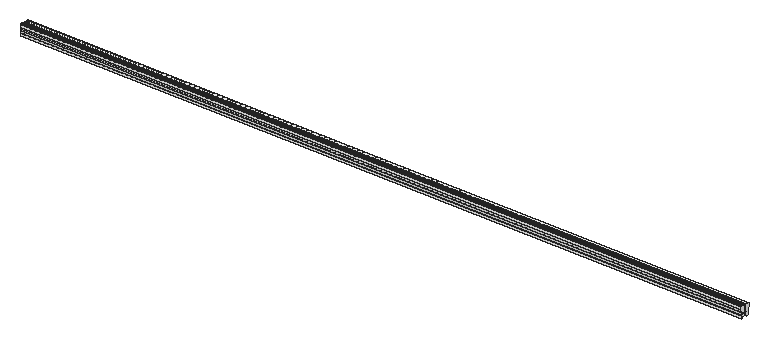
Revit family "2020751 Feilo Sylvania Lighting Fixtures LYTESPAN 3 3M TRACK WHITE", category Lighting Fixtures, host Face, Revit 2017
Family settings
  Host = Face
  Round Connector Dimension = Use Diameter
  Part Type = Normal
  OmniClass Number = 23.80.70.00
  OmniClass Title = Lighting
  Cut with Voids When Loaded = No
  Light Source = No
  Shared = No
  Room Calculation Point = No
Parameters (values of type "2020751 LYTESPAN 3 3M TRACK WHITE")
  _DistributedBy = "//www.feilosylvania.com/en-int/"
  _CurrentRevision = 1
  _CreatedBy = "http://www.feilosylvania.com/en-int/"
  _BimstoreBibleVersion = "15"
  _BimSpecGuid = 0
  _Author = "Viktoria Kollar"
  Weight = "3.424 kg"
  WarrantyStartDate [instance] = ""
  WarrantyGuarantorParts = "n/a"
  WarrantyDurationUnit = "n/a"
  WarrantyDurationParts = "n/a"
  WarrantyDescription = "n/a"
  URL = "http://www.sylvania-lighting.com"
  TypeName = "LYTESPAN 3 3M TRACK WHITE"
  Type Image = 2020760.jpg
  Type Comments = "n/a"
  TransformerRequired = yes
  SerialNumber [instance] = ""
  NominalLength = 3000 mm
  NominalHeight = 45 mm
  NominalDepth = 37 mm
  Name = "LYTESPAN 3 3M TRACK WHITE"
  NBSReference = "n/a"
  NBSOfficeMasterTag = "n/a"
  NBSObjectName = "n/a"
  NBSNote = "n/a"
  NBSDescription = "n/a"
  ModelReference = "LYTESPAN 3 3M TRACK WHITE"
  ModelNumber = "2020751"
  Model = "LYTESPAN 3 3M TRACK WHITE"
  ManufacturerName = "Feilo Sylvania"
  Manufacturer = "Feilo Sylvania"
  LuminaireType = ""
  Lamp = "LED"
  Keynote = "16500"
  InstallationDate [instance] = ""
  InputVoltage = "240V~"
  IfcExportType = "IfcLightFixtureType"
  IfcExportAs = "IfcLightFixtureType"
  Housing material = White aluminium
  ElectricShockClassification = "Class I"
  DocumentationLiterature = "http://www.sylvania-lighting.com/product/en-int/products/2020751"
  Description = "3 Circuit Track, compact venturi trunk profile, extruded aluminium body, suitable for surface mounting and suspending, (LxWxH) 3000x37x45mm, 2.75kg, White RAL 9016, Class 1, maximum installed load: 3x3680W (11040W), fuse: 3x16A, supply cable: 5 x 1.5mm², 400 VAC supply"
  Default Elevation = 0 mm
  CreatedOn = "14/11/2017"
  CreatedBy = ""
  Cost = 0
  Color = "Aluminium white"
  ClassificationValue = "EF_70_80"
  ClassificationName = "Uniclass2015"
  BarCode [instance] = ""
  BIMObjectName = "n/a"
  AssetType = "Fixed"
  AssetIdentifier [instance] = ""
  Assembly Code = "D5020200"
  Apparent Load = 0 VA
Reference planes
  plane 1 "Center (Front/Back)": y = 0
  plane 2: z = 0
  plane 3 "Center (Left/Right)": x = 0
  plane 4: x = -1500
  plane 5: x = 1500
  plane 6: z = 36.5
  plane 7: z = 18.5
  plane 8: z = 27.5
  plane 9: z = 30
  plane 10: z = 33
  plane 11: z = 45
  plane 12: z = 25
  plane 13: z = 22
  plane 14: y = 5.75
  plane 15: y = -5.75
  plane 16: y = 9.25
  plane 17: y = -9.25
  plane 18: y = 13.25
  plane 19: y = -13.25
  plane 20: y = -14.75
  plane 21: y = 14.75
  plane 22: y = 18.5
  plane 23: y = -18.5
  plane 24: z = 31
  plane 25: y = 16.55
  plane 26: y = -16.55
  plane 27: z = 38.7
  plane 28: y = 7
  plane 29: y = -7
  plane 30: z = 40.9
  plane 31: z = 43.1
Forms (mm)
  Extrusion 1, solid, material "White aluminium" <- "Housing material"
    sketch origin (0, 0, 45) x (0, 1, 0) y (0, 0, 1)
      loop
        line (14.75, -45) -> (14.75, -34.582) -> (16.616, -24) -> (18.5, -12) -> (18.5, 0) -> (7, 0) -> (7, -1.9) -> (13.25, -1.9) -> (13.25, -4.1) -> (7, -4.1) -> (7, -6.3) -> (16.55, -6.3) -> (16.55, -14) -> (13.25, -14) -> (13.25, -12) -> (9.25, -8.5) -> (5.75, -8.5) -> (5.75, -12) -> (9.25, -12) -> (9.25, -15) -> (5.75, -15) -> (5.75, -20) -> (9.25, -20) -> (9.25, -23) -> (5.75, -23) -> (5.75, -26.5) -> (9.25, -26.5) -> (13.25, -23) -> (15.119, -23) -> (15.119, -24) -> (13.383, -33.848) -> (9.529, -33.848) -> (9.529, -30) -> (-4.255, -30) -> (-9.75, -33.848) -> (-13, -33.848) -> (-15.119, -23.803) -> (-15.119, -23) -> (-13.25, -23) -> (-9.25, -26.5) -> (-5.75, -26.5) -> (-5.75, -23) -> (-9.25, -23) -> (-9.25, -20) -> (-5.75, -20) -> (-5.75, -15) -> (-9.25, -15) -> (-9.25, -12) -> (-5.75, -12) -> (-5.75, -8.5) -> (-9.25, -8.5) -> (-13.25, -12) -> (-13.25, -14) -> (-16.55, -14) -> (-16.55, -6.3) -> (-7, -6.3) -> (-7, 0) -> (-9.25, 0) -> (-9.25, -4.1) -> (-16.55, -4.1) -> (-16.55, 0) -> (-18.5, 0) -> (-18.5, -12) -> (-16.616, -24) -> (-14.75, -33.164) -> (-14.75, -45) -> (-13.25, -45) -> (-13.25, -35.764)
        arc (-13.25, -35.764) -> (-9.111, -38.754) -> (-4.329, -40.542) r 19.123
        line (-4.329, -40.542) -> (-4.329, -39.56)
        arc (-4.329, -39.56) -> (-7.777, -38.158) -> (-10.813, -36.003) r 16.148
        line (-10.813, -36.003) -> (-7.392, -36.003) -> (-3.107, -33) -> (7.392, -33) -> (7.392, -36.003) -> (10.813, -36.003)
        arc (10.813, -36.003) -> (7.777, -38.158) -> (4.329, -39.56) r 16.148
        line (4.329, -39.56) -> (4.329, -40.542)
        arc (4.329, -40.542) -> (9.111, -38.754) -> (13.25, -35.764) r 19.123
        line (13.25, -35.764) -> (13.25, -45) -> (14.75, -45)
    from -1500 to 1500
Dimensions and locks
  "NominalLength": plane 5 to plane 4
  equal spacing: plane 5, plane 3 "Center (Left/Right)", plane 4
  "NominalHeight": plane 11 to host face
  locked: plane 11 to plane 8 at 17.5
  locked: plane 6 to plane 7 at 18
  equal spacing: plane 6, plane 8, plane 7
  locked: plane 13 to plane 7 at 3.5
  locked: plane 6 to plane 10 at 3.5
  equal spacing: plane 9, plane 8, plane 12
  locked: plane 9 to plane 12 at 5
  equal spacing: plane 14, plane 1 "Center (Front/Back)", plane 15
  locked: plane 14 to plane 15 at 11.5
  equal spacing: plane 16, plane 1 "Center (Front/Back)", plane 17
  locked: plane 16 to plane 17 at 18.5
  equal spacing: plane 18, plane 1 "Center (Front/Back)", plane 19
  locked: plane 18 to plane 19 at 26.5
  "NominalDepth": plane 22 to plane 23
  aligned and locked: plane 2 to host face
  aligned and locked: level to host face
  aligned and locked: plane 6 to Extrusion 1  (x3)
  aligned and locked: plane 14 to Extrusion 1  (x3)
  aligned and locked: Extrusion 1 to plane 15  (x3)
  aligned and locked: Extrusion 1 to plane 10  (x2)
  aligned and locked: plane 9 to Extrusion 1  (x2)
  aligned and locked: Extrusion 1 to plane 12  (x2)
  aligned and locked: plane 13 to Extrusion 1  (x2)
  aligned and locked: Extrusion 1 to plane 7  (x2)
  aligned and locked: plane 18 to Extrusion 1
  aligned and locked: Extrusion 1 to plane 19
  aligned and locked: Extrusion 1 to plane 20
  aligned and locked: plane 21 to Extrusion 1
  aligned and locked: plane 25 to Extrusion 1
  aligned and locked: Extrusion 1 to plane 26
  aligned and locked: Extrusion 1 sketch curve to plane 27  (x2)
  aligned and locked: plane 26 to Extrusion 1 sketch curve
  aligned and locked: Extrusion 1 sketch curve to plane 26
  aligned and locked: Extrusion 1 sketch curve to plane 23
  aligned and locked: plane 11 to Extrusion 1 sketch curve  (x3)
  aligned and locked: plane 30 to Extrusion 1 sketch curve  (x2)
  aligned and locked: plane 17 to Extrusion 1 sketch curve
  aligned and locked: Extrusion 1 sketch curve to plane 29
  aligned and locked: plane 28 to Extrusion 1 sketch curve  (x2)
  aligned and locked: plane 18 to Extrusion 1 sketch curve
  aligned and locked: Extrusion 1 sketch curve to plane 31
  aligned and locked: Extrusion 1 sketch curve to plane 22
  aligned and locked: Extrusion 1 to plane 4
  aligned and locked: plane 5 to Extrusion 1
Automatic sketch dimensions
  host sketch curve to host sketch curve = 2438.4 mm  (x2)
  Extrusion 1 sketch curve to plane 24 = 0 mm  (x2)
  Extrusion 1 sketch curve to plane 13 = 0 mm  (x4)
  Extrusion 1 sketch curve to plane 20 = 0 mm
  Extrusion 1 sketch curve to plane 19 = 0 mm  (x3)
  Extrusion 1 sketch curve to plane 10 = 0 mm  (x6)
  Extrusion 1 sketch curve to level = 0 mm  (x2)
  Extrusion 1 sketch curve to plane 17 = 0 mm  (x4)
  Extrusion 1 sketch curve to plane 6 = 0 mm  (x2)
  Extrusion 1 sketch curve to plane 7 = 0 mm  (x2)
  Extrusion 1 sketch curve to plane 9 = 0 mm  (x2)
  Extrusion 1 sketch curve to plane 15 = 0 mm  (x3)
  Extrusion 1 sketch curve to plane 12 = 0 mm  (x2)
  Extrusion 1 sketch curve to plane 14 = 0 mm  (x3)
  Extrusion 1 sketch curve to plane 16 = 0 mm  (x4)
  Extrusion 1 sketch curve to plane 18 = 0 mm  (x3)
  Extrusion 1 sketch curve to plane 21 = 0 mm
  Extrusion 1 sketch curve to plane 25 = 0 mm
  Extrusion 1 sketch curve to plane 26 = 0.066 mm
  plane 20 to Extrusion 1 sketch curve = 0.369 mm
  plane 19 to Extrusion 1 sketch curve = 0.25 mm
  Extrusion 1 sketch curve to plane 17 = 1.563 mm
  Extrusion 1 sketch curve to plane 17 = 0.5 mm
  Extrusion 1 sketch curve to plane 29 = 0.392 mm
  plane 15 to Extrusion 1 sketch curve = 1.421 mm
  plane 15 to Extrusion 1 sketch curve = 1.495 mm
  plane 15 to Extrusion 1 sketch curve = 2.643 mm
  Extrusion 1 sketch curve to plane 1 "Center (Front/Back)" = 0.082 mm
  Extrusion 1 sketch curve to plane 1 "Center (Front/Back)" = 0.01 mm
  plane 1 "Center (Front/Back)" to Extrusion 1 sketch curve = 0.01 mm
  plane 1 "Center (Front/Back)" to Extrusion 1 sketch curve = 0.082 mm
  Extrusion 1 sketch curve to plane 14 = 1.421 mm
  plane 28 to Extrusion 1 sketch curve = 0.392 mm
  plane 16 to Extrusion 1 sketch curve = 0.279 mm
  plane 16 to Extrusion 1 sketch curve = 1.563 mm
  plane 18 to Extrusion 1 sketch curve = 0.133 mm
  Extrusion 1 sketch curve to plane 21 = 0.369 mm
  plane 25 to Extrusion 1 sketch curve = 0.066 mm
  Extrusion 1 sketch curve to plane 13 = 1.104 mm
  Extrusion 1 sketch curve to Extrusion 1 sketch curve = 0 mm  (x2)
  plane 13 to Extrusion 1 sketch curve = 0.803 mm
  plane 13 to Extrusion 1 sketch curve = 1 mm  (x4)
  plane 7 to Extrusion 1 sketch curve = 3.5 mm
  Extrusion 1 sketch curve to Extrusion 1 sketch curve = 3 mm
  plane 7 to Extrusion 1 sketch curve = 6.664 mm
  Extrusion 1 sketch curve to Extrusion 1 sketch curve = 0.684 mm
  Extrusion 1 sketch curve to Extrusion 1 sketch curve = 3.848 mm
  Extrusion 1 sketch curve to Extrusion 1 sketch curve = 0.734 mm
  Extrusion 1 sketch curve to Extrusion 1 sketch curve = 1.181 mm
  Extrusion 1 sketch curve to Extrusion 1 sketch curve = 1.916 mm
  Extrusion 1 sketch curve to Extrusion 1 sketch curve = 2.155 mm
  Extrusion 1 sketch curve to Extrusion 1 sketch curve = 0.24 mm
Connectors
  electrical at (0, 0, 0)
    settings: on host face, index 1, voltage 0 V, apparent load 0 VA, apparent load phase1 0 VA, apparent load phase2 0 VA, apparent load phase3 0 VA, power factor 1, load classification "Other", number of poles 1, system type 31, power factor state 1, is connector primary yes, connector utility no, sub classification motor no, connector description ""
